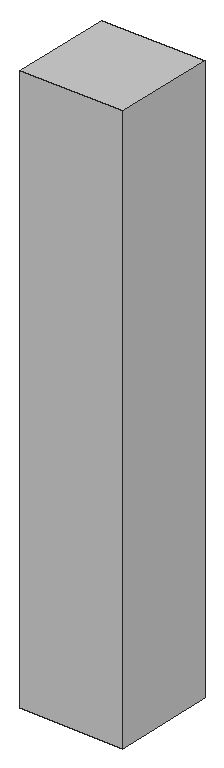
Revit family "콘크리트-정사각형-기둥", category 구조 기둥, Revit 2026
Family settings
  숨겨진 뷰로 표시 = 다른 부재에 가려진 모서리
  단면 모양 = 정의되지 않음
  모델 동작 재료 = 콘크리트
  항상 형상으로 내보내기 = 아니오
  평면의 보 전환 = 경계 상자에서
  로드될 때 보이드를 사용하여 절단 = 아니오
  기호 표현 = 패밀리에서
  공유 = 아니오
  평면도에서 미리 절단된 패밀리 표시 = 예
Parameters (values of type "450 x 450")
  Structural Material [instance] = 콘크리트 - 현장타설 콘크리트
  b = 450 mm
Types (5, lengths in mm): name | b
  (no name) | 450
  300 x 300 | 300
  450 x 450 | 450
  600 x 600 | 600
  750 x 750 | 750
Reference planes
  plane 1 "중심(앞/뒤)": y = 0
  plane 2: z = 0
  plane 3 "중심(왼쪽/오른쪽)": x = 0
  plane 4: x = -225
  plane 5: x = 225
  plane 6: y = 225
  plane 7: y = -225
Forms (mm)
  Extrusion 1, solid, material "콘크리트 - 현장타설 콘크리트" <- "Structural Material"
    sketch origin (0, 0, 0) x (1, 0, 0) y (0, 1, 0)
      loop
        line (-225, 225) -> (-225, -225) -> (225, -225) -> (225, 225) -> (-225, 225)
    from 0 to 2500
Dimensions and locks
  equal spacing: plane 4, plane 3 "중심(왼쪽/오른쪽)", plane 5
  equal spacing: plane 7, plane 1 "중심(앞/뒤)", plane 6
  "b": plane 7 to plane 6
  "b": plane 4 to plane 5
  aligned and locked: plane 6 to Extrusion 1 sketch curve
  aligned and locked: Extrusion 1 sketch curve to plane 7
  aligned and locked: Extrusion 1 sketch curve to plane 4
  aligned and locked: plane 5 to Extrusion 1 sketch curve
  aligned and locked: level to Extrusion 1
  aligned and locked: level to plane 2
  aligned and locked: Extrusion 1 to plane 2
